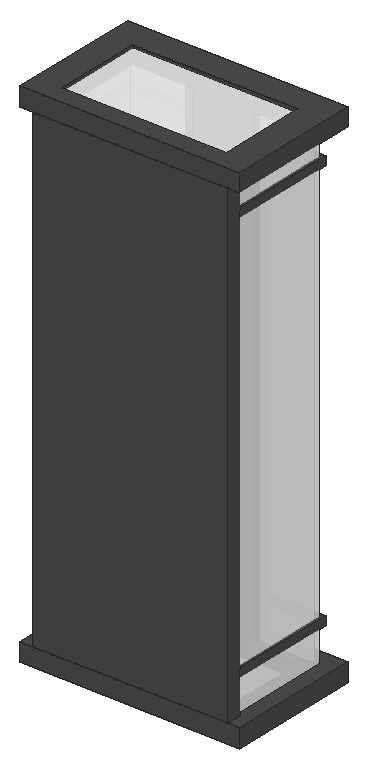
Revit family "TLI - Allegro W - Wall", category Lighting Fixtures, host Wall, Revit 2012
Parameters (values of type "Biax 4-Pin 2 -  39W - 177V")
  Width = 0' - 9"
  Wet Location [instance] = yes
  Watts = 78 W
  Wattage = 38.373 W
  built-in parameter 1150110 = 1 (stored number, unit not read)
  Voltage = 277 V
  URL = "http://teronlighting.com/"
  built-in parameter 1114217 = 0.81 (stored number, unit not read)
  Tilt Angle = 0.00°
  built-in parameter 1150109 = 1 (stored number, unit not read)
  built-in parameter 1150134 = (empty or 0)
  Tamper Resistant Screws [instance] = no
  built-in parameter 1150113 = 1 (stored number, unit not read)
  Requires Special Disposal = no
  Remote Battery = no
  Product Page URL = "http://teronlighting.com/products/allegro-w/"
  Product Documentation URL = "http://teronlighting.com/wp-content/uploads/Allegro-W1.pdf"
  Product = "Allegro W"
  Point of Final Manufacture = "Fairfield, OH, USA"
  Photometric Web File = "generic.ies"
  Percentage Pre-Consumer = 0
  Percentage Post-Consumer = 0
  Number of Lamps = 2
  built-in parameter 1150142 = (empty or 0)
  Multi-Tap Ballast [instance] = no
  Mounting Type = "4\" Junction Box"
  Model = "ALLW - F239E"
  MasterFormat 2004 Title = "Exterior Lighting"
  MasterFormat 2004 Number = "26.56.00"
  Manufacturer Telephone = "01-513-858-6004"
  Manufacturer Email = "sales@teronlight.com"
  Manufacturer Address = "33 Donald Drive Fairfield, OH 45014"
  Manufacturer = "Teron Lighting"
  Lumens = 5700 lm
  built-in parameter 1150115 = 1 (stored number, unit not read)
  built-in parameter 1150105 = 453.59 (stored number, unit not read)
  built-in parameter 1150137 = (empty or 0)
  built-in parameter 1150139 = 0.81 (stored number, unit not read)
  Length = 1' - 9 1/8"
  built-in parameter 1150112 = 1 (stored number, unit not read)
  built-in parameter 1150114 = 1 (stored number, unit not read)
  Lamp Base = "4-Pin"
  Lamp = "2 - 39W BIAX"
  Integral Battery = no
  built-in parameter 1150132 = 2
  built-in parameter 1150102 = 3600
  built-in parameter 1150138 = 4100 (stored number, unit not read)
  built-in parameter 1150107 = 4100 (stored number, unit not read)
  Industry Standards = "Buy America Act"
  built-in parameter 1150106 = 4.5359 (stored number, unit not read)
  Fused [instance] = no
  Fixture Material = Paint - TLI - Textured Black
  Fixture = "Aluminum"
  Finish = "Textured Black"
  Emergency Light Fixture [instance] = no
  Electronic Ballast [instance] = yes
  built-in parameter 1150104 = 13.8 (stored number, unit not read)
  Distributor Locations = "USA, Canada, Puerto Rico"
  Dimming Lamp Color Temperature Shift = <None>
  Dimming Ballast [instance] = no
  Diffuser Material = Acrylic - TLI - Luminous White
  Diffuser = "Luminous White Acrylic"
  Description = "Architectectural Outdoor"
  Depth = 0' - 5 1/2"
  Date Created = "7.2.2012"
  Created By = "RenderSpec  http://rederspec.com"
  Cost = 0
  Conditions of Use = "Elements are representations. Color and detail may differ from actual product. Information is for general use and should be reviewed by a Professional."
  Color Filter = 16777215
  built-in parameter 1114218 = 1 (stored number, unit not read)
  built-in parameter 1150133 = 10 (stored number, unit not read)
  Apparent Load = 78 VA
  Amps = 1
  ADA Compliant = no
Types (6): name | Watts | Wattage | Voltage | Number of Lamps | Model | Lumens | built-in parameter 1150105 | Lamp | built-in parameter 1150106 | Apparent Load
  Biax 4-Pin 2 -  27W - 120V | 54 W | 24.2356 W | 120 V | 2 | "ALLW - F227E" | 3600 lm | 286.48 (stored number, unit not read) | "2 - 27W BIAX" | 2.8648 (stored number, unit not read) | 54 VA
  Biax 4-Pin 2 -  27W - 277V | 54 W | 24.2356 W | 277 V | 2 | "ALLW - F227E" | 3600 lm | 286.48 (stored number, unit not read) | "2 - 27W BIAX" | 2.8648 (stored number, unit not read) | 54 VA
  Biax 4-Pin 1 -  39W - 120V | 39 W | 19.1865 W | 120 V | 1 | "ALLW - F139E" | 2850 lm | 226.8 (stored number, unit not read) | "1 - 39W BIAX" | 2.268 (stored number, unit not read) | 39 VA
  Biax 4-Pin 1 -  39W - 277V | 39 W | 19.1865 W | 277 V | 1 | "ALLW - F139E" | 2850 lm | 226.8 (stored number, unit not read) | "1 - 39W BIAX" | 2.268 (stored number, unit not read) | 39 VA
  Biax 4-Pin 2 -  39W - 120V | 78 W | 38.373 W | 120 V | 2 | "ALLW - F239E" | 5700 lm | 453.59 (stored number, unit not read) | "2 - 39W BIAX" | 4.5359 (stored number, unit not read) | 78 VA
  Biax 4-Pin 2 -  39W - 177V | 78 W | 38.373 W | 277 V | 2 | "ALLW - F239E" | 5700 lm | 453.59 (stored number, unit not read) | "2 - 39W BIAX" | 4.5359 (stored number, unit not read) | 78 VA
Reference planes (in)
  plane 1: y = 0
  plane 2 "Light Source Axis (F/B)": y = 4
  plane 3 "Light Source Axis (L/R)": x = -1.43133
  plane 4 "Light Source Elevation": z = 60.03469
Text (in)
  text "Placement Side" at (0, 40.15149, 117.0711), in view "Right"
  text "Placement Side" at (-70.3804, 28.46503, 0), in view "Ref. Level"
  text "Placement Side" at (0, 47.49176, 118.91627), in view "Left"
Dimensions and locks (in)
  locked: plane 2 "Light Source Axis (F/B)" to host wall at 1
  locked: nested 2 to plane 2 "Light Source Axis (F/B)" at 1
  aligned and locked: plane 3 "Light Source Axis (L/R)" to imposter light
  aligned and locked: plane 2 "Light Source Axis (F/B)" to imposter light
  aligned and locked: plane 4 "Light Source Elevation" to imposter light
  aligned and locked: nested 1 to plane 3 "Light Source Axis (L/R)"
  aligned and locked: nested 1 to host wall
Nested families (in)
  nested 1: "Wall Mounted Light Fixture" at (-1.43133, 3, 0), Emergency Light Fixture <- "Emergency Light Fixture", type "Wall Mounted Light Fixture"
    with Emergency Light Fixture no
  nested 2: "TLI - Allegro W" at (-1.43133, 3, 60.03469), type "TLI - Allegro W"
Connectors (in)
  electrical at (-1.43133, 3, 60.03469), driven by "Apparent Load", driven by "Voltage"
    settings: on nested 2, index 1, voltage 277 V, apparent load 78 VA, apparent load phase1 0 VA, apparent load phase2 0 VA, apparent load phase3 0 VA, power factor 1, load classification "Other", number of poles 1, system type 30, power factor state 1, is connector primary yes, connector utility no, sub classification motor no, connector description ""
Definition of nested family "TLI - Allegro W"
  Parameters (values of type "TLI - Allegro W")
    Fixture Material = Paint - TLI - Textured Black
    Diffuser Material = Acrylic - TLI - Luminous White
  Reference planes (in)
    plane 1 "Center (Front/Back)": y = 0
    plane 2: z = 0
    plane 3 "Center (Left/Right)": x = 0
  Forms (in)
    Extrusion 1, solid, material "Paint - TLI - Textured Black" <- "Fixture Material"
      sketch origin (0, 0, -10.5625) x (-1, 0, 0) y (0, -1, 0)
        loop
          line (-4.5, -5.5) -> (4.5, -5.5) -> (4.5, 0) -> (-4.5, 0) -> (-4.5, -5.5)
        loop
          line (-3.375, -0.75) -> (-3.375, -4.375) -> (3.375, -4.375) -> (3.375, -0.75) -> (-3.375, -0.75)
      from 0 to 0.75
    Extrusion 2, solid, material "Paint - TLI - Textured Black" <- "Fixture Material"
      sketch origin (0, 0, 9.8125) x (-1, 0, 0) y (0, -1, 0)
        loop
          line (-4.5, -5.5) -> (4.5, -5.5) -> (4.5, 0) -> (-4.5, 0) -> (-4.5, -5.5)
        loop
          line (-3.375, -0.75) -> (-3.375, -4.375) -> (3.375, -4.375) -> (3.375, -0.75) -> (-3.375, -0.75)
      from 0 to 0.75
    Extrusion 3, solid, material "Acrylic - TLI - Luminous White" <- "Diffuser Material"
      sketch origin (0, 0, 10.3125) x (-1, 0, 0) y (0, -1, 0)
        loop
          line (-3.375, -4.375) -> (3.375, -4.375) -> (3.375, -0.75) -> (-3.375, -0.75) -> (-3.375, -4.375)
      from 0 to 0.125
    Extrusion 4, solid, material "Acrylic - TLI - Luminous White" <- "Diffuser Material"
      sketch origin (0, 0, -10.4375) x (-1, 0, 0) y (0, -1, 0)
        loop
          line (-3.375, -4.375) -> (3.375, -4.375) -> (3.375, -0.75) -> (-3.375, -0.75) -> (-3.375, -4.375)
      from 0 to 0.125
    Extrusion 5, solid, material "Acrylic - TLI - Luminous White" <- "Diffuser Material"
      sketch origin (0, 0, -10.5625) x (-1, 0, 0) y (0, -1, 0)
        loop
          line (-3.875, -0.625) -> (-3.875, -4.875) -> (-1.5, -4.875) -> (-1.5, -4.75) -> (-3.75, -4.75) -> (-3.75, -0.625) -> (-3.875, -0.625)
      from 0.75 to 20.375
    Extrusion 6, solid, material "Paint - TLI - Textured Black" <- "Fixture Material"
      sketch origin (0.0625, -0.25, -10.5625) x (-1, 0, 0) y (0, -1, 0)
        loop
          line (-1.4375, -5) -> (-1.4375, -5.375) -> (-1.1875, -5.375) -> (-1.1875, -5) -> (-1.4375, -5)
      from 0.75 to 20.375
    Extrusion 7, solid, material "Paint - TLI - Textured Black" <- "Fixture Material"
      sketch origin (-2.6875, -0.25, -10.5625) x (-1, 0, 0) y (0, -1, 0)
        loop
          line (-1.4375, -5) -> (-1.4375, -5.375) -> (-1.1875, -5.375) -> (-1.1875, -5) -> (-1.4375, -5)
      from 0.75 to 20.375
    Extrusion 8, solid, material "Paint - TLI - Textured Black" <- "Fixture Material"
      sketch origin (0, -0.25, -10.5625) x (-1, 0, 0) y (0, -1, 0)
        loop
          line (-1.25, -5) -> (-1.25, -5.125) -> (1.25, -5.125) -> (1.25, -5) -> (-1.25, -5)
      from 0.75 to 20.375
    Extrusion 9, solid, material "Acrylic - TLI - Luminous White" <- "Diffuser Material"
      sketch origin (0, 0, -10.5625) x (1, 0, 0) y (0, 1, 0)
        loop
          line (-3.875, 0.625) -> (-3.75, 0.625) -> (-3.75, 4.75) -> (-1.5, 4.75) -> (-1.5, 4.875) -> (-3.875, 4.875) -> (-3.875, 0.625)
      from 0.75 to 20.375
    Extrusion 10, solid, material "Paint - TLI - Textured Black" <- "Fixture Material"
      sketch origin (0, 0, -8.4375) x (-1, 0, 0) y (0, -1, 0)
        loop
          line (-3.875, -0.625) -> (-4, -0.625) -> (-4, -5) -> (-1.5, -5) -> (-1.5, -4.875) -> (-3.875, -4.875) -> (-3.875, -0.625)
      from 0 to 0.375
    Extrusion 11, solid, material "Paint - TLI - Textured Black" <- "Fixture Material"
      sketch origin (0, 0, 8.4375) x (0, 1, 0) y (-1, 0, 0)
        loop
          line (0.625, -3.875) -> (0.625, -4) -> (5, -4) -> (5, -1.5) -> (4.875, -1.5) -> (4.875, -3.875) -> (0.625, -3.875)
      from 0 to 0.375
    Extrusion 12, solid, material "Paint - TLI - Textured Black" <- "Fixture Material"
      sketch origin (0, 0, -8.4375) x (1, 0, 0) y (0, 1, 0)
        loop
          line (-3.875, 0.625) -> (-3.875, 4.875) -> (-1.5, 4.875) -> (-1.5, 5) -> (-4, 5) -> (-4, 0.625) -> (-3.875, 0.625)
      from 0 to 0.375
    Extrusion 13, solid, material "Paint - TLI - Textured Black" <- "Fixture Material"
      sketch origin (0, 0, 8.4375) x (0, -1, 0) y (1, 0, 0)
        loop
          line (-0.625, -3.875) -> (-4.875, -3.875) -> (-4.875, -1.5) -> (-5, -1.5) -> (-5, -4) -> (-0.625, -4) -> (-0.625, -3.875)
      from 0 to 0.375
    Extrusion 14, solid, material "Paint - TLI - Textured Black" <- "Fixture Material"
      sketch origin (0, 0, 0) x (-1, 0, 0) y (0, -1, 0)
        loop
          line (-4, 0) -> (-4, -0.625) -> (4, -0.625) -> (4, 0) -> (-4, 0)
      from -9.8125 to 9.8125
  Dimensions and locks (in)
    aligned and locked: plane 2 to level
    aligned and locked: Extrusion 10 to Extrusion 5
Definition of nested family "Wall Mounted Light Fixture"
  Parameters (values of type "Wall Mounted Light Fixture")
    Emergency Light Fixture [instance] = no
  Reference planes (in)
    plane 1: y = 0
    plane 2: x = 0
  Lines and regions (in)
    detail lines, built-in parameter 1006310 <- "Emergency Light Fixture"
      curve 1: circle (0, 0.125, 0) r 0.0625 normal (0, 0, 1)
    detail lines
      curve 2: line (-0.0625, 0, 0) -> (0.0625, 0, 0)
      curve 3: line (0, 0, 0) -> (0, 0.0625, 0)
